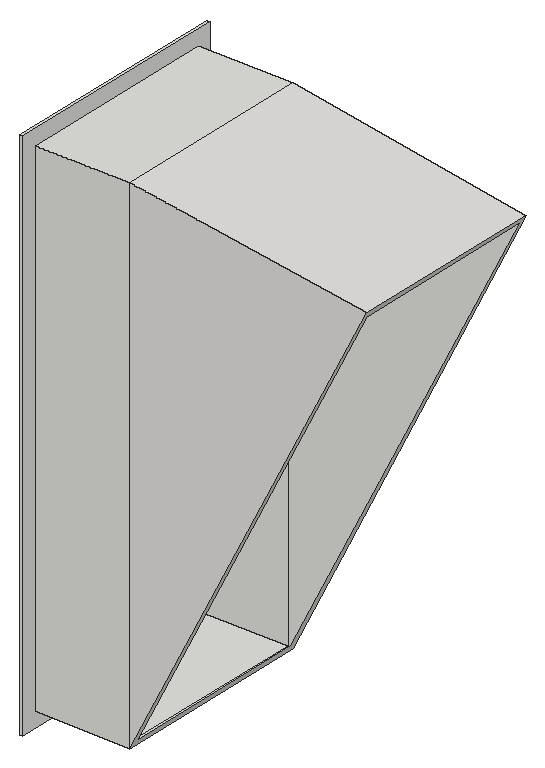
Revit family "НЕВАТОМ_Козырек VR-KP, версия 1", category Оборудование, Revit 2017
Family settings
  Размер круглого соединителя = Использовать диаметр
  Тип детали = Нормальный
  На основе рабочей плоскости = Нет
  Всегда вертикально = Нет
  При загрузке вырезать с полостями = Нет
  Общий = Нет
  Точка расчета площади = Нет
Parameters (values of type "Козырек VR-KP 710-3/1000")
  С+60 = С + 60 mm  # 1050 mm
  С = 990 mm
  А = 397 mm
  l1 = L / 3.5  # 185.714 mm
  l = 60 mm
  f1 = 5 mm
  a = 5 mm
  Nevatom_URL = "https://t.me/NEVATOM_Bim_bot"
  L = 650 mm
  ADSK_Примечание = ""
  ADSK_Позиция = ""
  ADSK_Наименование = "Козырек VR-KP 710-3/1000"
  ADSK_Материал наименование = "сталь оцинкованная"
  ADSK_Марка = "VR-KP 710-3/1000"
  ADSK_Количество = 1  # constant formula
  ADSK_Код изделия = ""
  ADSK_Завод-изготовитель = "НЕВАТОМ"  # constant formula
  ADSK_Единица измерения = "шт."  # constant formula
  ADSK_URL документации изделия = ""
  A+60 = А + 60 mm  # 457 mm
Types (13, lengths in mm): name | С+60 | С | А | l1 | L | ADSK_Наименование | ADSK_Марка | A+60
  (no name) | 1050 | 990 | 397 | 185.714 | 650 | "Козырек VR-KP 710-3/1000" | "VR-KP 710-3/1000" | 457
  Козырек VR-KP 250-0,55/3000 | 450 | 390 | 145 | 100 | 350 | "Козырек VR-KP 250-0,55/3000" | "VR-KP 250-0,55/3000" | 205
  Козырек VR-KP 710-3/1000 | 1050 | 990 | 397 | 185.714 | 650 | "Козырек VR-KP 710-3/1000" | "VR-KP 710-3/1000" | 457
  Козырек VR-KP 280-0,75/3000 | 450 | 390 | 180 | 100 | 350 | "Козырек VR-KP 280-0,75/3000" | "VR-KP 280-0,75/3000" | 240
  Козырек VR-KP 315-1,5/3000 | 550 | 490 | 198 | 114.286 | 400 | "Козырек VR-KP 315-1,5/3000" | "VR-KP 315-1,5/3000" | 258
  Козырек VR-KP 355-2,2/3000 | 550 | 490 | 222 | 114.286 | 400 | "Козырек VR-KP 355-2,2/3000" | "VR-KP 355-2,2/3000" | 282
  Козырек VR-KP 400-0,55/1500 | 700 | 640 | 223 | 135.714 | 475 | "Козырек VR-KP 400-0,55/1500" | "VR-KP 400-0,55/1500" | 283
  Козырек VR-KP 450-0,75/1500 | 700 | 640 | 244 | 135.714 | 475 | "Козырек VR-KP 400-0,55/1500" | "VR-KP 400-0,55/1500" | 304
  Козырек VR-KP 500-0,37/1000 | 850 | 790 | 263 | 157.143 | 550 | "Козырек VR-KP 500-0,37/1000" | "VR-KP 500-0,37/1000" | 323
  Козырек VR-KP 500-1,5/1500 | 850 | 790 | 283 | 157.143 | 550 | "Козырек VR-KP 500-1,5/1500" | "VR-KP 500-1,5/1500" | 343
  Козырек VR-KP 560-1,1/1000 | 850 | 790 | 301 | 157.143 | 550 | "Козырек VR-KP 560-1,1/1000" | "VR-KP 560-1,1/1000" | 361
  Козырек VR-KP 630-1,5/1000 | 1050 | 990 | 350 | 185.714 | 650 | "Козырек VR-KP 630-1,5/1000" | "VR-KP 630-1,5/1000" | 410
  Козырек VR-KP 630-5,5/1500 | 1050 | 990 | 380 | 185.714 | 650 | "Козырек VR-KP 630-5,5/1500" | "VR-KP 630-5,5/1500" | 440
Reference planes
  plane 1 "По центру (Вперед/Назад)": y = 0
  plane 2: z = 0
  plane 3 "По центру (Влево/Вправо)": x = 0
  plane 4: y = 198.5
  plane 5: y = -198.5
  plane 6: z = -495
  plane 7: z = 495
  plane 8: z = 525
  plane 9: y = -228.5
  plane 10: z = -525
  plane 11: y = 228.5
  plane 12: x = -325
  plane 13: x = 325
  plane 14: x = -320
  plane 15: x = -134.286
Forms (mm)
  Extrusion 1, solid, material "Сталь оцинкованная"
    sketch origin (0, 0, 0) x (0, 1, 0) y (0, 0, 1)
      loop
        line (228.5, 525) -> (-228.5, 525) -> (-228.5, -525) -> (228.5, -525) -> (228.5, 525)
      loop
        line (198.5, 495) -> (-198.5, 495) -> (-198.5, -495) -> (198.5, -495) -> (198.5, 495)
    from -325 to -320
  Extrusion 2, solid, material "Сталь оцинкованная"
    sketch origin (0, 0, 0) x (0, 1, 0) y (0, 0, 1)
      loop
        line (198.5, 495) -> (-198.5, 495) -> (-198.5, -495) -> (198.5, -495) -> (198.5, 495)
      loop
        line (193.5, 490) -> (-193.5, 490) -> (-193.5, -490) -> (193.5, -490) -> (193.5, 490)
    from -325 to -134.286
  Blend 3, solid, material "Сталь оцинкованная"
    base sketch origin (0, 0, 0) x (0, 1, 0) y (0, 0, 1)
      loop
        line (198.5, 495) -> (-198.5, 495) -> (-198.5, -495) -> (198.5, -495) -> (198.5, 495)
    top sketch origin (0, 0, 0) x (0, 1, 0) y (0, 0, 1)
      loop
        line (193.5, 425.728) -> (-193.5, 425.728) -> (-193.5, -438.272) -> (193.5, -438.272) -> (193.5, 425.728)
    from -134.286 to 325
  Blend 4, void
    base sketch origin (0, 0, 0) x (0, 1, 0) y (0, 0, 1)
      loop
        line (188.5, 485) -> (-188.5, 485) -> (-188.5, -485) -> (188.5, -485) -> (188.5, 485)
    top sketch origin (0, 0, 0) x (0, 1, 0) y (0, 0, 1)
      loop
        line (188.5, -438.272) -> (188.5, 425.728) -> (-188.5, 425.728) -> (-188.5, -438.272) -> (188.5, -438.272)
    from -134.286 to 320
  Extrusion 5, void
    sketch origin (0, 0, 0) x (1, 0, 0) y (0, 0, 1)
      loop
        line (325, 425.728) -> (-134.286, -495) -> (325, -495) -> (325, 425.728)
    from -228.5 to 228.5
Cuts and joins
  Blend 4, Extrusion 5 cuts Blend 3
  joined: Extrusion 1, Extrusion 2, Blend 3
Dimensions and locks
  equal spacing: plane 4, plane 1 "По центру (Вперед/Назад)", plane 5
  "А": plane 4 to plane 5
  equal spacing: plane 7, level, plane 6
  equal spacing: plane 10, level, plane 8
  equal spacing: plane 11, plane 1 "По центру (Вперед/Назад)", plane 9
  "A+60": plane 11 to plane 9
  "С+60": plane 10 to plane 8
  "С": plane 7 to plane 6
  "L": plane 13 to plane 12
  equal spacing: plane 13, plane 3 "По центру (Влево/Вправо)", plane 12
  locked: Extrusion 1 to Extrusion 1 at 5
  "a": Extrusion 2 sketch curve to Extrusion 1  (x3)
  "a": Extrusion 1 to Extrusion 2 sketch curve
  "a": Blend 4 sketch curve to Extrusion 2  (x3)
  "a": Extrusion 2 to Blend 4 sketch curve
  "a": plane 13 to cut or joined group of Extrusion 1, Extrusion 2, Blend 3, Blend 4, Extrusion 5
  "a": plane 14 to plane 12
  "l1": plane 15 to plane 14
  aligned and locked: level to plane 2
  aligned and locked: plane 8 to Extrusion 1 sketch curve
  aligned and locked: Extrusion 1 sketch curve to plane 11
  aligned and locked: plane 10 to Extrusion 1 sketch curve
  aligned and locked: plane 9 to Extrusion 1 sketch curve
  aligned and locked: plane 7 to Extrusion 1 sketch curve
  aligned and locked: Extrusion 1 sketch curve to plane 4
  aligned and locked: Extrusion 1 sketch curve to plane 6
  aligned and locked: plane 5 to Extrusion 1 sketch curve
  aligned and locked: Extrusion 1 to plane 12
  aligned and locked: Extrusion 1 to Extrusion 2 sketch curve  (x3)
  aligned and locked: Extrusion 2 sketch curve to Extrusion 1
  aligned and locked: plane 15 to Extrusion 2
  aligned and locked: Blend 3 to plane 15
  aligned and locked: Blend 4 sketch curve to Blend 3  (x2)
  aligned and locked: Blend 4 sketch curve to var sketch  (x2)
  aligned and locked: plane 13 to Blend 3
  aligned and locked: Extrusion 2 to plane 12
  aligned and locked: cut or joined group of Extrusion 1, Extrusion 2, Blend 3, Blend 4, Extrusion 5 to cut or joined group of Extrusion 1, Extrusion 2, Blend 3, Blend 4, Extrusion 5
  aligned and locked: Extrusion 5 sketch curve to plane 13
  aligned and locked: plane 6 to Extrusion 5 sketch curve
  aligned and locked: Extrusion 5 to plane 11
  aligned and locked: plane 9 to Extrusion 5
Automatic sketch dimensions
  Blend 3 sketch curve to plane 5 = 0 mm
  Blend 3 sketch curve to plane 4 = 0 mm
  Blend 3 sketch curve to plane 6 = 0 mm
  Blend 3 sketch curve to plane 7 = 0 mm
  Blend 3 sketch curve to plane 5 = 5 mm
  plane 4 to Blend 3 sketch curve = 5 mm
  plane 6 to Blend 3 sketch curve = 56.728 mm
  Blend 3 sketch curve to plane 7 = 69.272 mm
  Extrusion 5 sketch curve to plane 15 = 0 mm
  Extrusion 5 sketch curve to plane 7 = 69.272 mm
Connectors
  hvac at (-320, 0, 0), driven by "С", driven by "А"
    settings: on Extrusion 1, index 1, duct flow 0.0 L/s, flow factor 0, pres drop 0.0 Pa, loss coef 0, conn angle 0.00°, conn width 397 mm, conn height 990 mm, conn diameter 609.6 mm, duct sys type 29, conn prof type 1, flow config 0, flow direction 0, loss method 0, conn ref index -1, conn util no, is conn primary yes, conn desc ""
